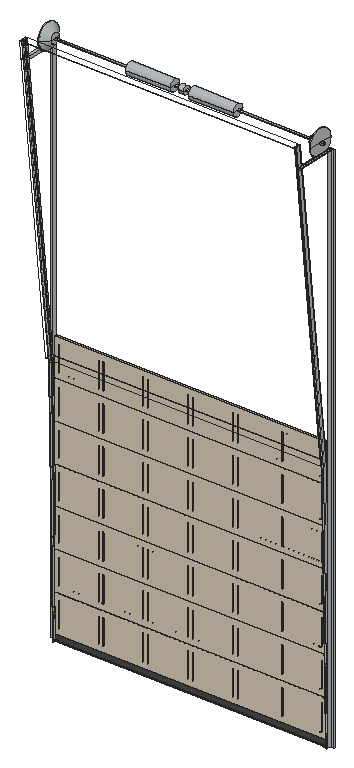
Revit family "Door_Sectional_Clopay_Insulated-VerticalTrack-RaisedPanel", category Doors, host Wall, Revit 2022
Family settings
  Host = Wall
  OmniClass Number = 23.30.10.17.37.14
  OmniClass Title = Sectional Overhead Doors
  Always vertical = Yes
  Cut with Voids When Loaded = No
  Shared = No
  Room Calculation Point = No
Parameters (values of type "ByType")
  intDepth [instance] = (Height + 1' 6") * -1  # -13' - 6"
  Wind Load = ""
  Water Penetration = ""
  Track Offset = 0' - 1"
  Track Material [instance] = Metal - Steel - Clopay - Galvanized
  TorsionWidth = Width + 0' 7"  # 12' - 7"
  Torsion Spring Height above Head [instance] = if(Breakaway Track, 0' 6", 1' 6")  # 0' - 6"
  Sound Transmission Class (STC) = 0
  Revision = "R1_09-2011"
  Rad [instance] = Thickness / 2  # 0' - 0 11/16"
  RO Offset = 0' - 0"
  Panel Type_9 [instance] = Door Panel - Raised : Standard
  Panel Type_8 [instance] = Door Panel - Raised : Standard
  Panel Type_7 [instance] = Door Panel - Raised : Standard
  Panel Type_6 [instance] = Door Panel - Raised : Standard
  Panel Type_5 [instance] = Door Panel - Raised : Standard
  Panel Type_4 [instance] = Door Panel - Raised : Standard
  Panel Type_3 [instance] = Door Panel - Raised : Standard
  Panel Type_2 [instance] = Door Panel - Raised : Standard
  Panel Type_11 [instance] = Door Panel - Raised : Standard
  Panel Type_10 [instance] = Door Panel - Raised : Standard
  Panel Type_1 [instance] = Door Panel - Raised : Standard
  Panel Height = Height / NumPanels  # 1' - 8.57143"
  P9 = NumPanels > 8  # no
  P8 = NumPanels > 7  # no
  P7 = NumPanels > 6  # yes
  P6 = NumPanels > 5  # yes
  P5 = NumPanels > 4  # yes
  P4 = NumPanels > 3  # yes
  P3 = NumPanels > 2  # yes
  P11 = NumPanels > 10  # no
  P10 = NumPanels > 9  # no
  Operator_Jackshaft Right [instance] = no
  Operator_Jackshaft Left [instance] = no
  Opening Width = 12' - 0"
  Opening Height = 12' - 0"
  NumPanels = if(Height < 4' 6", 2, if(Height < 6' 0", 3, if(Height < 7' 6", 4, if(Height < 9' 0", 5, if(Height < 10' 9", 6, if(Height < 12' 6", 7, if(Height < 14' 3", 8, if(Height < 16' 0", 9, if(Height > 17' 9", 10, 11)))))))))  # 7
  Maximum Size = "Consult Clopay Specifications & Shop Drawings"
  Lock Right [instance] = no
  Lock Left [instance] = no
  Jackshaft Offset [instance] = 0' - 5"
  Hardware Finish = Metal - Steel - Clopay - Galvanized
  Function = Interior
  Frame Finish = Metal - Steel - Clopay - Stucco Emboss - Tan
  Double Torsion Shaft [instance] = no
  Door Width = Opening Width + (Track Offset * 2)  # 12' - 2"
  Door Height = Opening Height  # 12' - 0"
  Door Glazing = Glass - Insulated - Clopay - Clear Tempered
  DblWidth = TorsionWidth + 1' 0"  # 13' - 7"
  Building Code Conformance = ""
  Breakaway Track [instance] = yes
  Bottom Astragal Material [instance] = Rubber - Clopay - Black
  Bottom Astragal Height [instance] = 0' - 3 1/2"
  Air Infiltration = ""
  ASTM Conformance = ""
  Panel Width [instance] = Width + (Track Offset * 2)  # 12' - 2"
  Panel Material = Metal - Steel - Clopay - Stucco Emboss - Tan
  Manufacturer Phone = "513-770-4800 "
  Warranty Duration (Years) = 0
  URL = "http://www.clopaydoor.com/"
  Thickness = 0' - 1 3/8"
  Test Data = ""
  Specification = "http://www.arcat.com/sd/clients/clopay.html?coid=31487"
  SpecWizard = "http://www.arcat.com/specwizard/clients/clopay.html?coid=31487"
  Send Message = "http://www.clopaydoor.com/"
  Sales Information = "http://www.clopaydoor.com/contact-us.aspx"
  Rough Width = (Width + (RO Offset * 2))  # 12' - 0"
  Rough Height = (Height + (RO Offset))  # 12' - 0"
  R_Value = 0
  Product Properties = ""
  Product Data = "http://www.arcat.com/arcatcos/cos31/arc31487.html?isac=1&r=1"
  Manufacturer Website = "http://www.arcat.com/users.pl?action=UserEmail&company=Clopay%20Building%20Products%20Company&coid=31487&rep=114&fax=513-770-3519&mf="
  Manufacturer Phone - Toll Free = "800-526-4301 "
  Manufacturer Fax = "513-770-3519"
  Manufacturer Address = "8585 Duke Blvd. Mason, OH 45040-3101"
  Maintenance Schedule (Months) = 0
  Installation-Fabrication = ""
  Installation Phase = ""
  Green Building-LEED = "http://www.arcat.com/green/clients/leed_data_31487.html"
  Model = "As Specified"
  Manufacturer = "Clopay Building Products Company"
  Keynote = "08360"
  Height = Opening Height  # 12' - 0"
  Wall Closure = By host
  Width = Opening Width  # 12' - 0"
  Fire Rating = ""
  Expected Lifespan (Years) = 0
  Drawn By = "Sumex Design, Inc. / Robert S. Weygant, CSI, CDT, SCIP"
  Description = "Clopay Overhead Door as Specified"
  Copyright = "©Arcat Inc."
  Construction Details = "http://www.arcat.com/details/clopay/clopay.html?coid=31487"
  Building Codes = ""
  Assembly Code = "B2030410"
  ADA Compliant = yes
  AAMA Designation = ""
  3" Track [instance] = no
Reference planes (in)
  plane 1 "Center (Front/Back)": y = -34.08725
  plane 2 "Center (Left/Right)": x = 64.28704
  plane 3: z = 0
  plane 4 "Right": x = 136.28704
  plane 5 "Left": x = -7.71296
  plane 6: z = 0
  plane 7 "Top of Frame": z = 144
  plane 8 "RO Top": z = 144
  plane 9 "RO Right": x = 136.28704
  plane 10 "RO Left": x = -7.71296
  plane 11 "Exterior Wall Face": y = -31.08725
  plane 12 "Interior Wall Face": y = -37.08725
  plane 13: x = -8.71296
  plane 14: x = 137.28704
  plane 15: z = 24.07143
  plane 16: z = 44.64286
  plane 17: z = 65.21429
  plane 18: z = 85.78571
  plane 19: z = 106.35714
  plane 20: z = 126.92857
  plane 21: z = 147.5
  plane 22: y = -37.58725
  plane 23: z = 3.5
  plane 24: y = -38.96225
  plane 25: z = 288
  plane 26: z = 168.07143
  plane 27: z = 188.64286
  plane 28: z = 209.21429
  plane 29: z = 294
  plane 30: z = 306
  plane 31: x = -12.71296
  plane 32: x = 141.28704
  plane 33: z = 297
Forms (in)
  Extrusion 1, solid, material "Rubber - Clopay - Black" <- "Bottom Astragal Material"
    sketch origin (-8.71296, -26.43241, 48) x (0, 1, 0) y (0, 0, 1)
      loop
        line (-11.15484, -44.5) -> (-12.52984, -44.5) -> (-12.52984, -47.3125)
        arc (-12.52984, -47.3125) -> (-11.84234, -48) -> (-11.15484, -47.3125) r 0.6875
        line (-11.15484, -47.3125) -> (-11.15484, -44.5)
    from 0 to 146
  Extrusion 2, solid, material "Metal - Steel - Clopay - Galvanized" <- "Hardware Finish", visible <- "Lock Left"
    sketch origin (-270, -38.96225, -0.15636) x (0, 0, -1) y (-1, 0, 0)
      loop
        line (-39.15636, -263.35085) -> (-39.15636, -267.35085) -> (-36.15636, -267.35085) -> (-36.15636, -263.35085) -> (-39.15636, -263.35085)
    from 0 to -1.5
  Extrusion 3, solid, material "Metal - Steel - Clopay - Galvanized" <- "Hardware Finish", visible <- "Lock Right"
    sketch origin (398.57407, -38.96225, -0.15636) x (0, 0, -1) y (-1, 0, 0)
      loop
        line (-39.15636, 263.35085) -> (-36.15636, 263.35085) -> (-36.15636, 267.35085) -> (-39.15636, 267.35085) -> (-39.15636, 263.35085)
    from 0 to -1.5
  Extrusion 4, solid
    sketch origin (138.28704, -59.98895, 299.04277) x (0, 0.994163, 0.107886) y (-1, 0, 0)
      loop
        line (2.98478, 0) -> (2.98478, 148) -> (-1, 148) -> (-1, 0) -> (2.98478, 0)
    from 0 to -162 <- "intDepth"
Lines and regions (in)
  Opening 1
    outline origin (-109.33485, -37.08725, 0) x (1, 0, 0) y (0, 0, 1)
      loop
        line (101.62189, 0) -> (245.62189, 0) -> (245.62189, 144) -> (101.62189, 144) -> (101.62189, 0)
Text (in)
  text "Exterior" at (50.54558, 62.1328, 0), in view "A101 - Plan View"
  text "Interior" at (50.54558, -116.72319, 0), in view "A101 - Plan View"
  text "Exterior" at (0, -17.98638, 123.01588), in view "Right"
  text "Interior" at (0, -64.39139, 123.01588), in view "Right"
  text "Interior" at (0, -52.09468, 121.14095), in view "Left"
  text "Exterior" at (0, 26.35325, 123.00693), in view "Left"
Dimensions and locks (in)
  equal spacing: plane 4 "Right", plane 2 "Center (Left/Right)", plane 5 "Left"
  "Width": plane 5 "Left" to plane 4 "Right"
  "Height": level to plane 7 "Top of Frame"
  "RO Offset": plane 5 "Left" to plane 10 "RO Left"
  "RO Offset": plane 9 "RO Right" to plane 4 "Right"
  "RO Offset": plane 8 "RO Top" to plane 7 "Top of Frame"
  "Track Offset": plane 9 "RO Right" to plane 14
  "Track Offset": plane 13 to plane 5 "Left"
  locked: nested 3 to plane 12 "Interior Wall Face" at 6
  "Panel Height": plane 23 to plane 15
  "Panel Height": plane 15 to plane 16
  "Panel Height": plane 16 to plane 17
  "Panel Height": plane 17 to plane 18
  "Panel Height": plane 18 to plane 19
  "Panel Height": plane 19 to plane 20
  "Panel Height": plane 20 to plane 21
  locked: plane 12 "Interior Wall Face" to plane 22 at 0.5
  "Bottom Astragal Height": level to plane 23
  "Thickness": plane 22 to plane 24
  "Rad": Extrusion 1 sketch curve to level
  Extrusion 2 sketch curve to Extrusion 2 sketch curve to level = 0' - 3" locked, 3' - 0" locked
  Extrusion 3 sketch curve to Extrusion 3 sketch curve to level = 0' - 3" locked, 3' - 0" locked
  "Height": plane 25 to plane 8 "RO Top"
  "Torsion Spring Height above Head": plane 29 to plane 25
  "Panel Height": plane 21 to plane 26
  "Panel Height": plane 26 to plane 27
  "Panel Height": plane 27 to plane 28
  locked: plane 30 to plane 29 at 12
  locked: plane 12 "Interior Wall Face" to nested 15 at 6
  Extrusion 4 sketch curve to Extrusion 4 sketch curve = 0' - 3.98478"
  locked: plane 4 "Right" to Extrusion 4 sketch curve at 2
  locked: Extrusion 4 sketch curve to plane 5 "Left" at 2
  locked: plane 33 to plane 29 at 3
  "Jackshaft Offset": plane 5 "Left" to plane 31
  "Jackshaft Offset": plane 32 to plane 4 "Right"
  "Rad": radius of Extrusion 1 sketch curve
  aligned and locked: host wall to plane 1 "Center (Front/Back)"
  aligned and locked: Opening 1 sketch curve to level
  aligned and locked: plane 9 "RO Right" to Opening 1 sketch curve
  aligned and locked: plane 10 "RO Left" to Opening 1 sketch curve
  aligned and locked: Opening 1 sketch curve to plane 8 "RO Top"
  aligned and locked: host wall to plane 11 "Exterior Wall Face"
  aligned and locked: host wall to plane 12 "Interior Wall Face"
  aligned and locked: nested 1 to plane 13
  aligned and locked: nested 1 to plane 12 "Interior Wall Face"
  aligned and locked: nested 2 to plane 14
  aligned and locked: nested 2 to plane 12 "Interior Wall Face"
  aligned and locked: plane 2 "Center (Left/Right)" to nested 3
  aligned and locked: plane 2 "Center (Left/Right)" to nested 4
  aligned and locked: plane 15 to nested 5
  aligned and locked: plane 16 to nested 6
  aligned and locked: plane 17 to nested 7
  aligned and locked: plane 18 to nested 8
  aligned and locked: plane 19 to nested 9
  aligned and locked: plane 20 to nested 10
  aligned and locked: plane 21 to nested 11
  aligned and locked: plane 23 to nested 4
  aligned and locked: plane 14 to Extrusion 1
  aligned and locked: plane 26 to nested 12
  aligned and locked: plane 27 to nested 13
  aligned and locked: plane 22 to nested 4
  aligned and locked: plane 22 to nested 5
  aligned and locked: plane 22 to nested 6
  aligned and locked: plane 22 to nested 7
  aligned and locked: plane 22 to nested 8
  aligned and locked: plane 22 to nested 9
  aligned and locked: plane 22 to nested 10
  aligned and locked: plane 22 to nested 11
  aligned and locked: nested 12 to plane 22
  aligned and locked: nested 13 to plane 22
  aligned and locked: nested 14 to plane 2 "Center (Left/Right)"
  aligned and locked: nested 14 to plane 28
  aligned and locked: nested 14 to plane 24
  aligned and locked: plane 30 to nested 15
  aligned and locked: plane 29 to nested 3
  aligned and locked: plane 32 to nested 17
  aligned and locked: plane 33 to nested 17
  aligned and locked: plane 33 to nested 16
  aligned and locked: plane 31 to nested 16
Automatic sketch dimensions
  Extrusion 2 sketch curve to plane 5 "Left" = 0' - 5.06381"
  Extrusion 2 sketch curve to plane 5 "Left" = 0' - 1.06381"
  plane 4 "Right" to Extrusion 3 sketch curve = 0' - 1.06381"
  Extrusion 3 sketch curve to Extrusion 3 sketch curve = 0' - 4"
  Extrusion 1 sketch curve to plane 23 = 0' - 0"
  Extrusion 1 sketch curve to plane 24 = 0' - 0"
  nested 2 to Extrusion 4 sketch curve = 0' - 2 15/16"
Nested families (in)
  nested 1: "Track_SectionalDoor_Clopay_Vertical" at (-8.71296, -47.9957, 0), Opening Height <- "Height", Track Material <- "Track Material", 3" Track <- "3" Track", Breakaway <- "Breakaway Track", type "ByType"
    with sptLegth 1' - 9.43686", VertSlope 1.19349°, Vert Travel 0' - 6 1/4", Vert Overall 0' - 8 5/8", TrackHeight 25' - 0", Track Material Metal - Steel - Clopay - Galvanized, TopLength 13' - 8", Opening Height 12' - 0", Breakaway Angle 5.00°, Breakaway yes, BreakOffset 1' - 4.60353", BaseOffset 0' - 2.83333", 3" Track no
  nested 2: "Track_SectionalDoor_Clopay_Vertical" at (137.28704, -47.9957, 0) x (-1, 0, 0) z (0, 0, 1), Opening Height <- "Height", Track Material <- "Track Material", 3" Track <- "3" Track", Breakaway <- "Breakaway Track", type "ByType"
    with sptLegth 1' - 9.43686", VertSlope 1.19349°, Vert Travel 0' - 6 1/4", Vert Overall 0' - 8 5/8", TrackHeight 25' - 0", Track Material Metal - Steel - Clopay - Galvanized, TopLength 13' - 8", Opening Height 12' - 0", Breakaway Angle 5.00°, Breakaway yes, BreakOffset 1' - 4.60353", BaseOffset 0' - 2.83333", 3" Track no
  nested 3: "TorsionAssembly_Vlift" at (64.28704, -43.08725, 294), Material <- "Track Material", Unit Width <- "TorsionWidth", type "Vertical Lift"
    with offset 0' - 0", Unit Width 12' - 7", Material Metal - Steel - Clopay - Galvanized, End Extension 0' - 0"
  nested 4: "Door Panel - Raised" at (64.28704, -38.27475, 3.5), Material - Trim <- "Frame Finish", Material - Panel <- "Panel Material", Glass Type <- "Door Glazing", Unit Width <- "Panel Width", Unit Depth <- "Thickness", type <- "Panel Type_1", Unit Height <- "Panel Height", type "Standard"
    with Void Offset 0' - 0 1/8", Unit Width 12' - 2", Unit Height 1' - 8.57143", Unit Depth 0' - 1 3/8", TB Height 0' - 3.28571", Standard yes, SingleWindow no, Side Width 0' - 2", Panels 6, Panel Width 1' - 9 1/2", Panel Height 1' - 2", Ofst 0' - 0 1/8", MultiWindow yes, Material - Trim Metal - Steel - Clopay - Stucco Emboss - Tan, Material - Panel Metal - Steel - Clopay - Stucco Emboss - Tan, Horizontal Offset 1' - 0", Glass Type Glass - Insulated - Clopay - Clear Tempered, Divs 5, DivWidth 0' - 2 1/2", DivSpace 2' - 0 3/4", DivHeight 1' - 2", Div Actual 5
  nested 5: "Door Panel - Raised" at (64.28704, -38.27475, 24.07143), Material - Trim <- "Frame Finish", Material - Panel <- "Panel Material", Glass Type <- "Door Glazing", Unit Width <- "Panel Width", Unit Depth <- "Thickness", type <- "Panel Type_2", Unit Height <- "Panel Height", type "Standard"
    with Void Offset 0' - 0 1/8", Unit Width 12' - 2", Unit Height 1' - 8.57143", Unit Depth 0' - 1 3/8", TB Height 0' - 3.28571", Standard yes, SingleWindow no, Side Width 0' - 2", Panels 6, Panel Width 1' - 9 1/2", Panel Height 1' - 2", Ofst 0' - 0 1/8", MultiWindow yes, Material - Trim Metal - Steel - Clopay - Stucco Emboss - Tan, Material - Panel Metal - Steel - Clopay - Stucco Emboss - Tan, Horizontal Offset 1' - 0", Glass Type Glass - Insulated - Clopay - Clear Tempered, Divs 5, DivWidth 0' - 2 1/2", DivSpace 2' - 0 3/4", DivHeight 1' - 2", Div Actual 5
  nested 6: "Door Panel - Raised" at (64.28704, -38.27475, 44.64286), Material - Trim <- "Frame Finish", Material - Panel <- "Panel Material", Glass Type <- "Door Glazing", Unit Width <- "Panel Width", Unit Depth <- "Thickness", type <- "Panel Type_3", visible <- "P3", Unit Height <- "Panel Height", type "Standard"
    with Void Offset 0' - 0 1/8", Unit Width 12' - 2", Unit Height 1' - 8.57143", Unit Depth 0' - 1 3/8", TB Height 0' - 3.28571", Standard yes, SingleWindow no, Side Width 0' - 2", Panels 6, Panel Width 1' - 9 1/2", Panel Height 1' - 2", Ofst 0' - 0 1/8", MultiWindow yes, Material - Trim Metal - Steel - Clopay - Stucco Emboss - Tan, Material - Panel Metal - Steel - Clopay - Stucco Emboss - Tan, Horizontal Offset 1' - 0", Glass Type Glass - Insulated - Clopay - Clear Tempered, Divs 5, DivWidth 0' - 2 1/2", DivSpace 2' - 0 3/4", DivHeight 1' - 2", Div Actual 5
  nested 7: "Door Panel - Raised" at (64.28704, -38.27475, 65.21429), Material - Panel <- "Panel Material", Glass Type <- "Door Glazing", Unit Width <- "Panel Width", Unit Depth <- "Thickness", visible <- "P4", type <- "Panel Type_4", Material - Trim <- "Panel Material", Unit Height <- "Panel Height", type "Standard"
    with Void Offset 0' - 0 1/8", Unit Width 12' - 2", Unit Height 1' - 8.57143", Unit Depth 0' - 1 3/8", TB Height 0' - 3.28571", Standard yes, SingleWindow no, Side Width 0' - 2", Panels 6, Panel Width 1' - 9 1/2", Panel Height 1' - 2", Ofst 0' - 0 1/8", MultiWindow yes, Material - Trim Metal - Steel - Clopay - Stucco Emboss - Tan, Material - Panel Metal - Steel - Clopay - Stucco Emboss - Tan, Horizontal Offset 1' - 0", Glass Type Glass - Insulated - Clopay - Clear Tempered, Divs 5, DivWidth 0' - 2 1/2", DivSpace 2' - 0 3/4", DivHeight 1' - 2", Div Actual 5
  nested 8: "Door Panel - Raised" at (64.28704, -38.27475, 85.78571), Material - Trim <- "Frame Finish", Material - Panel <- "Panel Material", Glass Type <- "Door Glazing", Unit Width <- "Panel Width", Unit Depth <- "Thickness", visible <- "P5", type <- "Panel Type_5", Unit Height <- "Panel Height", type "Standard"
    with Void Offset 0' - 0 1/8", Unit Width 12' - 2", Unit Height 1' - 8.57143", Unit Depth 0' - 1 3/8", TB Height 0' - 3.28571", Standard yes, SingleWindow no, Side Width 0' - 2", Panels 6, Panel Width 1' - 9 1/2", Panel Height 1' - 2", Ofst 0' - 0 1/8", MultiWindow yes, Material - Trim Metal - Steel - Clopay - Stucco Emboss - Tan, Material - Panel Metal - Steel - Clopay - Stucco Emboss - Tan, Horizontal Offset 1' - 0", Glass Type Glass - Insulated - Clopay - Clear Tempered, Divs 5, DivWidth 0' - 2 1/2", DivSpace 2' - 0 3/4", DivHeight 1' - 2", Div Actual 5
  nested 9: "Door Panel - Raised" at (64.28704, -38.27475, 106.35714), Material - Trim <- "Frame Finish", Material - Panel <- "Panel Material", Glass Type <- "Door Glazing", Unit Width <- "Panel Width", Unit Depth <- "Thickness", visible <- "P6", type <- "Panel Type_6", Unit Height <- "Panel Height", type "Standard"
    with Void Offset 0' - 0 1/8", Unit Width 12' - 2", Unit Height 1' - 8.57143", Unit Depth 0' - 1 3/8", TB Height 0' - 3.28571", Standard yes, SingleWindow no, Side Width 0' - 2", Panels 6, Panel Width 1' - 9 1/2", Panel Height 1' - 2", Ofst 0' - 0 1/8", MultiWindow yes, Material - Trim Metal - Steel - Clopay - Stucco Emboss - Tan, Material - Panel Metal - Steel - Clopay - Stucco Emboss - Tan, Horizontal Offset 1' - 0", Glass Type Glass - Insulated - Clopay - Clear Tempered, Divs 5, DivWidth 0' - 2 1/2", DivSpace 2' - 0 3/4", DivHeight 1' - 2", Div Actual 5
  nested 10: "Door Panel - Raised" at (64.28704, -38.27475, 126.92857), Material - Trim <- "Frame Finish", Material - Panel <- "Panel Material", Glass Type <- "Door Glazing", Unit Width <- "Panel Width", Unit Depth <- "Thickness", visible <- "P7", type <- "Panel Type_7", Unit Height <- "Panel Height", type "Standard"
    with Void Offset 0' - 0 1/8", Unit Width 12' - 2", Unit Height 1' - 8.57143", Unit Depth 0' - 1 3/8", TB Height 0' - 3.28571", Standard yes, SingleWindow no, Side Width 0' - 2", Panels 6, Panel Width 1' - 9 1/2", Panel Height 1' - 2", Ofst 0' - 0 1/8", MultiWindow yes, Material - Trim Metal - Steel - Clopay - Stucco Emboss - Tan, Material - Panel Metal - Steel - Clopay - Stucco Emboss - Tan, Horizontal Offset 1' - 0", Glass Type Glass - Insulated - Clopay - Clear Tempered, Divs 5, DivWidth 0' - 2 1/2", DivSpace 2' - 0 3/4", DivHeight 1' - 2", Div Actual 5
  nested 11: "Door Panel - Raised" at (64.28704, -38.27475, 147.5), Material - Trim <- "Frame Finish", Material - Panel <- "Panel Material", Glass Type <- "Door Glazing", Unit Width <- "Panel Width", Unit Depth <- "Thickness", visible <- "P8", type <- "Panel Type_8", Unit Height <- "Panel Height", type "Standard"
    with Void Offset 0' - 0 1/8", Unit Width 12' - 2", Unit Height 1' - 8.57143", Unit Depth 0' - 1 3/8", TB Height 0' - 3.28571", Standard yes, SingleWindow no, Side Width 0' - 2", Panels 6, Panel Width 1' - 9 1/2", Panel Height 1' - 2", Ofst 0' - 0 1/8", MultiWindow yes, Material - Trim Metal - Steel - Clopay - Stucco Emboss - Tan, Material - Panel Metal - Steel - Clopay - Stucco Emboss - Tan, Horizontal Offset 1' - 0", Glass Type Glass - Insulated - Clopay - Clear Tempered, Divs 5, DivWidth 0' - 2 1/2", DivSpace 2' - 0 3/4", DivHeight 1' - 2", Div Actual 5
  nested 12: "Door Panel - Raised" at (64.28704, -38.27475, 168.07143), Material - Trim <- "Frame Finish", Material - Panel <- "Panel Material", Glass Type <- "Door Glazing", Unit Width <- "Panel Width", Unit Depth <- "Thickness", visible <- "P9", type <- "Panel Type_9", Unit Height <- "Panel Height", type "Standard"
    with Void Offset 0' - 0 1/8", Unit Width 12' - 2", Unit Height 1' - 8.57143", Unit Depth 0' - 1 3/8", TB Height 0' - 3.28571", Standard yes, SingleWindow no, Side Width 0' - 2", Panels 6, Panel Width 1' - 9 1/2", Panel Height 1' - 2", Ofst 0' - 0 1/8", MultiWindow yes, Material - Trim Metal - Steel - Clopay - Stucco Emboss - Tan, Material - Panel Metal - Steel - Clopay - Stucco Emboss - Tan, Horizontal Offset 1' - 0", Glass Type Glass - Insulated - Clopay - Clear Tempered, Divs 5, DivWidth 0' - 2 1/2", DivSpace 2' - 0 3/4", DivHeight 1' - 2", Div Actual 5
  nested 13: "Door Panel - Raised" at (64.28704, -38.27475, 188.64286), Material - Trim <- "Frame Finish", Material - Panel <- "Panel Material", Glass Type <- "Door Glazing", Unit Width <- "Panel Width", Unit Depth <- "Thickness", visible <- "P10", type <- "Panel Type_10", Unit Height <- "Panel Height", type "Standard"
    with Void Offset 0' - 0 1/8", Unit Width 12' - 2", Unit Height 1' - 8.57143", Unit Depth 0' - 1 3/8", TB Height 0' - 3.28571", Standard yes, SingleWindow no, Side Width 0' - 2", Panels 6, Panel Width 1' - 9 1/2", Panel Height 1' - 2", Ofst 0' - 0 1/8", MultiWindow yes, Material - Trim Metal - Steel - Clopay - Stucco Emboss - Tan, Material - Panel Metal - Steel - Clopay - Stucco Emboss - Tan, Horizontal Offset 1' - 0", Glass Type Glass - Insulated - Clopay - Clear Tempered, Divs 5, DivWidth 0' - 2 1/2", DivSpace 2' - 0 3/4", DivHeight 1' - 2", Div Actual 5
  nested 14: "Door Panel - Raised" at (64.28704, -38.27475, 209.21429), Material - Trim <- "Frame Finish", Material - Panel <- "Panel Material", Glass Type <- "Door Glazing", Unit Width <- "Panel Width", Unit Depth <- "Thickness", visible <- "P11", type <- "Panel Type_11", Unit Height <- "Panel Height", type "Standard"
    with Void Offset 0' - 0 1/8", Unit Width 12' - 2", Unit Height 1' - 8.57143", Unit Depth 0' - 1 3/8", TB Height 0' - 3.28571", Standard yes, SingleWindow no, Side Width 0' - 2", Panels 6, Panel Width 1' - 9 1/2", Panel Height 1' - 2", Ofst 0' - 0 1/8", MultiWindow yes, Material - Trim Metal - Steel - Clopay - Stucco Emboss - Tan, Material - Panel Metal - Steel - Clopay - Stucco Emboss - Tan, Horizontal Offset 1' - 0", Glass Type Glass - Insulated - Clopay - Clear Tempered, Divs 5, DivWidth 0' - 2 1/2", DivSpace 2' - 0 3/4", DivHeight 1' - 2", Div Actual 5
  nested 15: "TorsionAssembly_Vlift" at (64.28704, -43.08725, 306), Material <- "Track Material", Unit Width <- "DblWidth", visible <- "Double Torsion Shaft", type "Vertical Lift"
    with offset 0' - 0", Unit Width 13' - 7", Material Metal - Steel - Clopay - Galvanized, End Extension 0' - 6"
  nested 16: "Opener" at (-18.71296, -37.08725, 285) x (1, 0, 0) z (0, -1, 0), Material <- "Hardware Finish", visible <- "Operator_Jackshaft Left", type "Jackshaft"
    with offset 0' - 0", Material Metal - Steel - Clopay - Galvanized, Unit Width 1' - 0", Unit Depth 1' - 0"
  nested 17: "Opener" at (147.28704, -37.08725, 285) x (1, 0, 0) z (0, -1, 0), Material <- "Hardware Finish", visible <- "Operator_Jackshaft Right", type "Jackshaft"
    with offset 0' - 0", Material Metal - Steel - Clopay - Galvanized, Unit Width 1' - 0", Unit Depth 1' - 0"
Definition of nested family "Track_SectionalDoor_Clopay_Vertical"
  Parameters
    sptLegth [instance] = BaseOffset + BreakOffset + 0' 2"  # 1' - 6.33239"
    Width = 0' - 0"
    Warranty Duration (Years) = 0
    VertSlope [instance] = atan(0.25 / 12)  # 1.19349°
    Vert Travel [instance] = (TrackHeight) * tan(VertSlope)  # 0' - 5 1/4"
    Vert Overall [instance] = Vert Travel + 0' 2 3/8"  # 0' - 7 5/8"
    URL = "http://www.clopaydoor.com/"
    TrackHeight [instance] = TopLength + (Opening Height - 0' 8")  # 21' - 0"
    Track Material [instance] = none
    TopLength [instance] = if(Breakaway Angle = 0.00°, Opening Height + 0' 8" + 0' 1", Opening Height + 0' 8" + 1' 0")  # 11' - 8"
    Thickness = 0' - 0"
    Specification = "http://www.arcat.com/sd/clients/clopay.html?coid=31487"
    SpecWizard = "http://www.arcat.com/specwizard/clients/clopay.html?coid=31487"
    Send Message = "http://www.arcat.com/users.pl?action=UserEmail&company=Clopay%20Building%20Products%20Company&coid=31487&rep=114&fax=513-770-3519&mf="
    Sales Information = "http://www.clopaydoor.com/contact-us.aspx"
    Revision = "R1_09-2011"
    Product Properties = ""
    Product Data = "http://www.arcat.com/arcatcos/cos31/arc31487.html?isac=1&r=1"
    Opening Height [instance] = 10' - 0"
    Model = "As Specified"
    Manufacturer Website = "http://www.clopaydoor.com/"
    Manufacturer Phone - Toll Free = "800-526-4301"
    Manufacturer Phone = "513-770-4800"
    Manufacturer Fax = "513-770-3519"
    Manufacturer Address = "8585 Duke Blvd. Manson, OH 45040-3101"
    Manufacturer = "Clopay Building Products Company"
    Maintenance Schedule (Months) = 0
    Keynote = "08360"
    Installation-Fabrication = ""
    Installation Phase = ""
    Height = 0' - 0"
    Green Building-LEED = "http://www.arcat.com/green/clients/leed_data_31487.html"
    Expected Lifespan (Years) = 0
    Drawn By = "Sumex Design, Inc. / Robert S. Weygant, CSI, CDT, SCIP"
    Description = "Clopay Door as Specified"
    Copyright = "©Arcat Inc."
    Construction Details = "http://www.arcat.com/details/clopay/clopay.html?coid=31487"
    Breakaway Angle [instance] = if(Breakaway, 5.00°, 0.00°)  # 5.00°
    Breakaway [instance] = yes
    BreakOffset [instance] = (TrackHeight - 0' 11" - Opening Height + 0' 8") * tan(VertSlope + Breakaway Angle)  # 1' - 1.99905"
    BaseOffset [instance] = (Opening Height - 0' 8") * tan(VertSlope)  # 0' - 2.33333"
    3" Track [instance] = no
    Assembly Code = "B2030410"
  Reference planes (in)
    plane 1 "Center (Front/Back)": y = 10.90846
    plane 2: z = 0
    plane 3 "Center (Left/Right)": x = 0
    plane 4: z = 0
    plane 5: z = 0
    plane 6: z = 0
    plane 7: z = 0
    plane 8: z = 0
    plane 9: y = 3.28346
    plane 10 "Bracket": x = -1
    plane 11: z = 120
    plane 12: z = 252
    plane 13: y = 8.53346
    plane 14: z = 112
  Forms (in)
    Sweep 1, solid, material <- "Track Material"
      path origin (-1, 4.05509, 48) x (0, 1, 0) y (0, 0, 1)
        loop
          line (4.47835, -47.99915) -> (2.14503, 64) -> (-12.95906, 203.18285)
      profile "P_Track : P_Track" origin (-1, 7.36678, 56.00043) x (0, -0.999783, -0.020829) y (1, 0, 0)
        loop
          line (-2, 1) -> (-2, 0) -> (-0.62484, 0) -> (-0.20263, 0.18798)
          arc (-0.20263, 0.18798) -> (0, 0.5) -> (-0.20263, 0.81202) r 0.34155
          line (-0.20263, 0.81202) -> (-0.48052, 0.93574) -> (-0.50594, 0.87865) -> (-0.22805, 0.75492)
          arc (-0.22805, 0.75492) -> (-0.0625, 0.5) -> (-0.22805, 0.24508) r 0.27905
          line (-0.22805, 0.24508) -> (-0.63812, 0.0625) -> (-1.9375, 0.0625) -> (-1.9375, 1) -> (-2, 1)
    Extrusion 2, solid, material <- "Track Material"
      sketch origin (0, 0, 0) x (1, 0, 0) y (0, 1, 0)
        loop
          line (-1, 10.90846) -> (-3.25, 10.90846) -> (-3.25, 10.78346) -> (-1.125, 10.78346) -> (-1.125, 9.28346) -> (-1, 9.28346) -> (-1, 10.90846)
      from 0 to 241
    Sweep 3, solid, material <- "Track Material"
      path origin (-1, 4.05509, 48) x (0, 1, 0) y (0, 0, 1)
        loop
          line (-11.47902, 193) -> (6.72837, 193)
      profile origin (-1, 1.67976, 241) x (0, 0, 1) y (1, 0, 0)
        loop
          line (0, 0) -> (-1.48699, 0) -> (-1.48699, -0.125) -> (-0.11199, -0.125) -> (-0.11199, -1.5) -> (0, -1.5) -> (0, 0)
  Lines and regions (in)
    reference lines
      curve 1: line (-1, 8.53346, 0) -> (-1, 5.57576, 141.96919)
      curve 2: line (-1, 6.20012, 112) -> (-1, 0.48214, 164.69065)
      curve 3: line (-1, 6.20012, 112) -> (-1, 4.2118, 111.78423)
  Dimensions and locks (in)
    equal spacing: plane 4, plane 5, plane 6, plane 7, plane 8, level
    "Height": plane 4 to level
    locked: plane 10 "Bracket" to plane 3 "Center (Left/Right)" at 1
    "Opening Height": plane 11 to level
    "Vert Overall": plane 1 "Center (Front/Back)" to plane 9
    locked: plane 13 to plane 1 "Center (Front/Back)" at 2.375
    locked: plane 12 to Extrusion 2 at 11
    "TrackHeight": plane 12 to level
    locked: plane 12 to Sweep 3 sketch curve at 11
    locked: plane 11 to plane 14 at 8
    "TopLength": curve 3 to Sweep 1 sketch curve
    "sptLegth": plane 1 "Center (Front/Back)" to Sweep 3 sketch curve
    "VertSlope": angle curve 1 to plane 13
    "Breakaway Angle": angle curve 2 to curve 1
    aligned and locked: curve 1 to Sweep 1 sketch curve
    aligned and locked: Sweep 1 sketch curve to curve 2
  Automatic sketch dimensions
    Extrusion 2 sketch curve to plane 1 "Center (Front/Back)" = 0' - 0"
    Extrusion 2 sketch curve to plane 10 "Bracket" = 0' - 0"
    Extrusion 2 sketch curve to Extrusion 2 sketch curve = 0' - 0 1/8"  (x2)
    Extrusion 2 sketch curve to Extrusion 2 sketch curve = 0' - 2 1/8"
    plane 13 to Extrusion 2 sketch curve = 0' - 0 3/4"
    plane 1 "Center (Front/Back)" to Sweep 3 sketch curve = 0' - 0 1/8"
    Sweep 3 sketch curve to plane 10 "Bracket" = 0' - 0"
    Sweep 3 sketch curve to profile plane = 0' - 0"
    profile plane to Sweep 3 sketch curve = 0' - 0.11199"
    Sweep 3 sketch curve to plane 10 "Bracket" = 0' - 0 1/8"
    Sweep 3 sketch curve to Sweep 3 sketch curve = 0' - 1 3/8"  (x2)
    curve 2 to plane 14 = 0' - 0"
    curve 1 to level = 0' - 0"
    curve 1 to plane 13 = 0' - 0"
    Sweep 1 sketch curve to plane 13 = 0' - 0"
    curve 3 to curve 2 = 0' - 0"  (x2)
    curve 2 to curve 3 = 0' - 2"
Definition of nested family "TorsionAssembly_Vlift"
  Parameters
    offset [instance] = 0' - 0"
    Warranty Duration (Years) = 0
    Vertical Lift = yes
    Unit Width [instance] = 12' - 0"
    Unit Height = 0' - 9 1/2"
    Unit Depth = Unit Height  # 0' - 9 1/2"
    URL = "http://www.clopaydoor.com/"
    Standard = no
    Spring Width = 2' - 0"
    Specification = "http://www.arcat.com/sd/clients/clopay.html?coid=31487"
    SpecWizard = "http://www.arcat.com/specwizard/clients/clopay.html?coid=31487"
    Send Message = "http://www.arcat.com/users.pl?action=UserEmail&company=Clopay%20Building%20Products%20Company&coid=31487&rep=114&fax=513-770-3519&mf="
    Sales Information = "http://www.clopaydoor.com/contact-us.aspx"
    Revision = "R1_09-2011"
    Product Properties = ""
    Product Data = "http://www.arcat.com/arcatcos/cos31/arc31487.html?isac=1&r=1"
    Model = "As Specified"
    Material [instance] = none
    Manufacturer Website = "http://www.clopaydoor.com/"
    Manufacturer Phone - Toll Free = "800-526-4301 "
    Manufacturer Phone = "513-770-4800 "
    Manufacturer Fax = "513-770-3519"
    Manufacturer Address = "8585 Duke Blvd. Mason, OH 45040-3101"
    Manufacturer = "Clopay Building Products Company"
    Maintenance Schedule (Months) = 0
    Keynote = "08360"
    Installation-Fabrication = ""
    Installation Phase = ""
    High Lift = no
    Green Building-LEED = "http://www.arcat.com/green/clients/leed_data_31487.html"
    Expected Lifespan (Years) = 0
    End Extension [instance] = 0' - 0"
    Drawn By = "Sumex Design, Inc. / Robert S. Weygant, CSI, CDT, SCIP"
    Description = "Clopay Door as Specified"
    Copyright = "©Arcat Inc."
    Construction Details = "http://www.arcat.com/details/clopay/clopay.html?coid=31487"
    Assembly Code = "B2030410"
  Reference planes (in)
    plane 1 "Center (Front/Back)": y = 0
    plane 2 "Bottom": z = 0
    plane 3 "Center (Left/Right)": x = 0
    plane 4 "Front": y = -4.75
    plane 5 "Back": y = 4.75
    plane 6 "Left": x = -72
    plane 7 "Right": x = 72
    plane 8 "Top": z = 4.75
    plane 9: z = -4.75
    plane 10: x = -5
    plane 11: x = 5
    plane 12: x = -29
    plane 13: x = 29
    plane 14: x = 66
    plane 15: x = -66
  Forms (in)
    Revolve 1, solid, material <- "Material", visible <- "Vertical Lift"
      sketch origin (0, 0, 0) x (1, 0, 0) y (0, 1, 0)
        loop
          line (72, 0) -> (72, 0.5) -> (70, 0.5) -> (70, 6.75) -> (69.5, 6.75) -> (66.33203, 2.5) -> (66, 2.5) -> (66, 0.5) -> (29, 0.5) -> (29, 3) -> (5, 3) -> (5, 0.5) -> (1.375, 0.5) -> (1.375, 2) -> (-1.375, 2) -> (-1.375, 0.5) -> (-5, 0.5) -> (-5, 3) -> (-29, 3) -> (-29, 0.5) -> (-66, 0.5) -> (-66, 2.5) -> (-66.33203, 2.5) -> (-69.5, 6.75) -> (-70, 6.75) -> (-70, 0.5) -> (-72, 0.5) -> (-72, 0) -> (72, 0)
        axis (-72, 0) -> (72, 0)
      angle from 0 to 360
  Dimensions and locks (in)
    equal spacing: plane 6 "Left", plane 3 "Center (Left/Right)", plane 7 "Right"
    "Unit Width": plane 6 "Left" to plane 7 "Right"
    equal spacing: plane 5 "Back", plane 1 "Center (Front/Back)", plane 4 "Front"
    "Unit Depth": plane 5 "Back" to plane 4 "Front"
    equal spacing: plane 8 "Top", level, plane 9
    "Unit Height": plane 8 "Top" to plane 9
    plane 10 to plane 3 "Center (Left/Right)" to plane 11 = 0' - 5" locked, 0' - 5" locked
    "Spring Width": plane 11 to plane 13
    "Spring Width": plane 12 to plane 10
    "End Extension": Revolve 1 sketch curve to plane 6 "Left"
    "End Extension": plane 7 "Right" to Revolve 1 sketch curve
    locked: plane 6 "Left" to plane 15 at 6
    plane 14 to plane 7 "Right" = 0' - 6"
  Automatic sketch dimensions
    Revolve 1 sketch curve to plane 1 "Center (Front/Back)" = 0' - 0"  (x2)
    Revolve 1 sketch curve to plane 15 = 0' - 0"
    Revolve 1 sketch curve to plane 12 = 0' - 0"
    Revolve 1 sketch curve to plane 10 = 0' - 0"
    Revolve 1 sketch curve to plane 11 = 0' - 0"
    Revolve 1 sketch curve to plane 13 = 0' - 0"
    Revolve 1 sketch curve to plane 14 = 0' - 0"
    Revolve 1 sketch curve to Revolve 1 sketch curve = 0' - 9 3/4"
    Revolve 1 sketch curve to plane 1 "Center (Front/Back)" = 0' - 0 1/2"  (x6)
    Revolve 1 sketch curve to plane 3 "Center (Left/Right)" = 0' - 1 3/8"
    plane 3 "Center (Left/Right)" to Revolve 1 sketch curve = 0' - 1 3/8"
    Revolve 1 sketch curve to Revolve 1 sketch curve = 1' - 0 3/4"
    Revolve 1 sketch curve to Revolve 1 sketch curve = 0' - 1 1/2"
    Revolve 1 sketch curve to plane 5 "Back" = 0' - 1 3/4"  (x2)
    Revolve 1 sketch curve to plane 7 "Right" = 0' - 2"
    Revolve 1 sketch curve to plane 14 = 0' - 0 85/256"
    Revolve 1 sketch curve to Revolve 1 sketch curve = 0' - 0 1/2"  (x2)
    Revolve 1 sketch curve to Revolve 1 sketch curve = 0' - 2"  (x2)
    plane 5 "Back" to Revolve 1 sketch curve = 0' - 2"  (x2)
    plane 6 "Left" to Revolve 1 sketch curve = 0' - 2"
    Revolve 1 sketch curve to Revolve 1 sketch curve = 0' - 0 85/256"
Definition of nested family "Door Panel - Raised"
  Parameters
    offset = 0' - 9"
    Warranty Duration (Years) = 0
    Void Offset [instance] = if(Divs > 1, 0' 0 1/8", 0' 2")  # 0' - 0 1/8"
    Vision Panels = no
    TB Height [instance] = (Unit Height - 1' 2") / 2  # 0' - 4"
    Standard [instance] = not(Vision Panels)  # yes
    Side Width [instance] = 0' - 2"
    Panels [instance] = if(Unit Width < 6' 2", 2, if(Unit Width < 8' 0", 3, if(Unit Width < 10' 0", 4, if(Unit Width < 12' 0", 5, if(Unit Width < 14' 0", 6, if(Unit Width < 16' 0", 7, if(Unit Width < 19' 0", 8, if(Unit Width < 20' 0", 9, if(Unit Width < 24' 0", 10, 12)))))))))  # 6
    Panel Width [instance] = 1' - 9 1/2"  # constant formula
    Panel Height [instance] = 1' - 2"  # constant formula
    Ofst [instance] = if(Vision Panels, 0' 0", 0' 0 1/8")  # 0' - 0 1/8"
    Material - Trim [instance] = none
    Horizontal Offset [instance] = (Panel Width / 2) + (DivWidth / 2)  # 1' - 1.6"
    Divs [instance] = Panels - 1  # 5
    DivSpace [instance] = Panel Width + Side Width + (DivWidth / 2)  # 2' - 2.35"
    Div Actual [instance] = if(Divs > 1, Divs, 2)  # 5
    Unit Width [instance] = 13' - 6"
    Unit Height [instance] = 1' - 10"
    Unit Depth [instance] = 0' - 2"
    URL = "http://www.clopaydoor.com/"
    Specification = "http://www.arcat.com/sd/clients/clopay.html?coid=31487"
    SpecWizard = "http://www.arcat.com/specwizard/clients/clopay.html?coid=31487"
    SingleWindow [instance] = Divs = 1  # no
    Send Message = "http://www.arcat.com/users.pl?action=UserEmail&company=Clopay%20Building%20Products%20Company&coid=31487&rep=114&fax=513-770-3519&mf="
    Sales Information = "http://www.clopaydoor.com/contact-us.aspx"
    Revision = "R1_09-2011"
    Product Properties = ""
    Product Data = "http://www.arcat.com/arcatcos/cos31/arc31487.html?isac=1&r=1"
    MultiWindow [instance] = Divs > 1  # yes
    Model = "As Specified"
    Material - Panel [instance] = none
    Manufacturer Website = "http://www.clopaydoor.com/"
    Manufacturer Phone - Toll Free = "800-526-4301 "
    Manufacturer Phone = "513-770-4800 "
    Manufacturer Fax = "513-770-3519"
    Manufacturer Address = "8585 Duke Blvd. Mason, OH 45040-3101"
    Manufacturer = "Clopay Building Products Company"
    Maintenance Schedule (Months) = 0
    Keynote = "08330"
    Installation-Fabrication = ""
    Installation Phase = ""
    Green Building-LEED = "http://www.arcat.com/green/clients/leed_data_31487.html"
    Glass Type [instance] = none
    Expected Lifespan (Years) = 0
    Drawn By = "Sumex Design, Inc. / Robert S. Weygant, CSI, CDT, SCIP"
    DivWidth [instance] = (Unit Width - 0' 4 1/2" - (1' 9 1/2" * Panels)) / Divs  # 0' - 5.7"
    DivHeight [instance] = Unit Height - (TB Height * 2)  # 1' - 2"
    Description = "Clopay Door as Specified"
    Copyright = "©Arcat Inc."
    Construction Details = "http://www.arcat.com/details/clopay/clopay.html?coid=31487"
    Assembly Code = "B2030420"
  Reference planes (in)
    plane 1 "Center (Front/Back)": y = 0
    plane 2 "Bottom": z = 0
    plane 3 "Center (Left/Right)": x = 0
    plane 4 "Front": y = -1
    plane 5 "Back": y = 1
    plane 6 "Left": x = -81
    plane 7 "Right": x = 81
    plane 8 "Top": z = 22
    plane 9: z = 11
    plane 10: x = -54.65
    plane 11: x = 54.65
    plane 12: y = -1.125
    plane 13: x = -79
    plane 14: x = 79
    plane 15: z = 18
    plane 16: z = 4
  Forms (in)
    Sweep 1, solid, material <- "Material - Panel"
      path origin (0, 0, 0) x (1, 0, 0) y (0, 0, 1)
        loop
          line (-81, 22) -> (81, 22)
      profile origin (0, 0, 22) x (0, 0, 1) y (0, -1, 0)
        loop
          line (0, -0.875) -> (0, 1) -> (-4, 1) -> (-4, 0.75) -> (-4.25, 0.75) -> (-4.25, -0.75) -> (-4, -0.75) -> (-4, -0.875) -> (0, -0.875)
    Extrusion 2, solid, material <- "Material - Panel", visible <- "Standard"
      sketch origin (-11.94222, 1, 48) x (-1, 0, 0) y (0, 0, 1)
        loop
          line (69.05778, -26) -> (-92.94222, -26) -> (-92.94222, -48) -> (69.05778, -48) -> (69.05778, -26)
      from 0 to -0.125
    Sweep 3, solid, material <- "Material - Panel"
      path origin (0, 0, 0) x (1, 0, 0) y (0, 0, 1)
        loop
          line (-81, 0) -> (-81, 22)
      profile origin (-81, 0, 11) x (-1, 0, 0) y (0, -1, 0)
        loop
          line (0, -0.875) -> (0, 1) -> (-2, 1) -> (-2, 0.75) -> (-2.25, 0.75) -> (-2.25, -0.75) -> (-2, -0.75) -> (-2, -0.875) -> (0, -0.875)
    Sweep 4, solid, material <- "Material - Panel"
      path origin (0, 0, 0) x (1, 0, 0) y (0, 0, 1)
        loop
          line (-81, 0) -> (81, 0)
      profile origin (0, 0, 0) x (0, 0, 1) y (0, -1, 0)
        loop
          line (0, -0.875) -> (4, -0.875) -> (4, -0.75) -> (4.25, -0.75) -> (4.25, 0.75) -> (4, 0.75) -> (4, 1) -> (0, 1) -> (0, -0.875)
    Sweep 5, solid, material <- "Material - Panel"
      path origin (0, 0, 0) x (1, 0, 0) y (0, 0, 1)
        loop
          line (81, 0) -> (81, 22)
      profile origin (81, 0, 11) x (-1, 0, 0) y (0, -1, 0)
        loop
          line (0, -0.875) -> (2, -0.875) -> (2, -0.75) -> (2.25, -0.75) -> (2.25, 0.75) -> (2, 0.75) -> (2, 1) -> (0, 1) -> (0, -0.875)
  Cuts and joins
    joined: Sweep 1, Sweep 3, Sweep 4, Sweep 5
  Dimensions and locks (in)
    equal spacing: plane 6 "Left", plane 3 "Center (Left/Right)", plane 7 "Right"
    "Unit Width": plane 6 "Left" to plane 7 "Right"
    equal spacing: plane 5 "Back", plane 1 "Center (Front/Back)", plane 4 "Front"
    "Unit Depth": plane 5 "Back" to plane 4 "Front"
    "Unit Height": plane 8 "Top" to level
    equal spacing: plane 8 "Top", plane 9, level
    "DivSpace": plane 10 to plane 6 "Left"
    "DivSpace": plane 7 "Right" to plane 11
    "Void Offset": plane 4 "Front" to plane 12
    locked: plane 5 "Back" to Sweep 1 sketch curve at 0.25
    locked: Sweep 1 sketch curve to plane 4 "Front" at 0.25
    equal spacing: group 1, group 3, group 8, group 10, group 2  (x2)
    equal spacing: group 2, group 10, group 8, group 3, group 1
    equal spacing: group 4, group 6, group 7, group 9, group 11, group 5  (x3)
    "Horizontal Offset": plane 10 to nested 5
    "Horizontal Offset": nested 6 to plane 11
    "Ofst": plane 5 "Back" to Sweep 1 sketch curve
    "Side Width": plane 14 to plane 7 "Right"
    "Side Width": plane 6 "Left" to plane 13
    locked: plane 13 to Sweep 3 sketch curve at 0.25
    locked: Sweep 5 sketch curve to plane 14 at 0.25
    "TB Height": plane 16 to level
    "TB Height": plane 8 "Top" to plane 15
    locked: plane 15 to Sweep 1 sketch curve at 0.25
    locked: Sweep 4 sketch curve to plane 16 at 0.25
    "TB Height": nested 1 to level
    "Ofst": plane 5 "Back" to Sweep 4 sketch curve
    locked: plane 5 "Back" to Sweep 4 sketch curve at 0.25
    locked: Sweep 4 sketch curve to plane 4 "Front" at 0.25
    locked: Sweep 3 sketch curve to plane 4 "Front" at 0.25
    "Ofst": plane 5 "Back" to Sweep 3 sketch curve
    locked: plane 5 "Back" to Sweep 3 sketch curve at 0.25
    locked: Sweep 5 sketch curve to plane 4 "Front" at 0.25
    "Ofst": plane 5 "Back" to Sweep 5 sketch curve
    locked: plane 5 "Back" to Sweep 5 sketch curve at 0.25
    aligned and locked: plane 4 "Front" to Sweep 1 sketch curve
    aligned and locked: plane 10 to nested 2
    aligned and locked: plane 11 to nested 3
    aligned and locked: plane 1 "Center (Front/Back)" to nested 3
    aligned and locked: plane 1 "Center (Front/Back)" to nested 2
    aligned and locked: plane 1 "Center (Front/Back)" to nested 1
    aligned and locked: plane 3 "Center (Left/Right)" to nested 1
    aligned and locked: plane 9 to nested 5
    aligned and locked: nested 6 to plane 9
    aligned and locked: nested 5 to plane 1 "Center (Front/Back)"
    aligned and locked: plane 1 "Center (Front/Back)" to nested 6
    aligned and locked: Sweep 3 sketch curve to plane 13
    aligned and locked: plane 13 to Sweep 3 sketch curve
    aligned and locked: plane 14 to Sweep 5 sketch curve
    aligned and locked: Sweep 5 sketch curve to plane 14
    aligned and locked: Sweep 1 sketch curve to plane 15
    aligned and locked: plane 16 to Sweep 4 sketch curve
    aligned and locked: Sweep 4 sketch curve to plane 16
    aligned and locked: plane 16 to nested 3
    aligned and locked: plane 16 to nested 2
    aligned and locked: Sweep 4 sketch curve to plane 4 "Front"
    aligned and locked: Sweep 3 sketch curve to plane 4 "Front"
    aligned and locked: Sweep 5 sketch curve to plane 4 "Front"
  Automatic sketch dimensions
    Extrusion 2 sketch curve to plane 7 "Right" = 0' - 0"
    Extrusion 2 sketch curve to level = 0' - 0"
    Extrusion 2 sketch curve to plane 6 "Left" = 0' - 0"
    Extrusion 2 sketch curve to plane 8 "Top" = 0' - 0"
    Sweep 1 sketch curve to plane 6 "Left" = 0' - 0"
    Sweep 1 sketch curve to plane 7 "Right" = 0' - 0"
    Sweep 1 sketch curve to plane 8 "Top" = 0' - 0"
    Sweep 3 sketch curve to plane 8 "Top" = 0' - 0"
    Sweep 3 sketch curve to profile plane = 0' - 0"
    Sweep 3 sketch curve to plane 6 "Left" = 0' - 0"
    Sweep 3 sketch curve to level = 0' - 0"
    Sweep 4 sketch curve to level = 0' - 0"
    Sweep 4 sketch curve to plane 6 "Left" = 0' - 0"
    Sweep 4 sketch curve to plane 7 "Right" = 0' - 0"
    Sweep 4 sketch curve to profile plane = 0' - 0"
    Sweep 5 sketch curve to plane 7 "Right" = 0' - 0"
    Sweep 5 sketch curve to level = 0' - 0"
    Sweep 5 sketch curve to plane 8 "Top" = 0' - 0"
    Sweep 5 sketch curve to profile plane = 0' - 0"
    Sweep 1 sketch curve to profile plane = 0' - 0"
    Sweep 1 sketch curve to Sweep 1 sketch curve = 0' - 0"
  Nested families (in)
    nested 1: "Divider" at (0, 0, 4), Material <- "Material - Panel", Unit Width <- "DivWidth", Unit Height <- "DivHeight", Door Thickness <- "Unit Depth", visible <- "SingleWindow", type "Vision Panel"
      with offset 0' - 0", Unit Width 0' - 5.7", Unit Height 1' - 2", Material none, Frame Material none, Door Thickness 0' - 2", Back Offset 0' - 0 5/64"
    nested 2: "Divider" at (-54.65, 0, 4), Material <- "Material - Panel", Unit Width <- "DivWidth", Unit Height <- "DivHeight", Door Thickness <- "Unit Depth", visible <- "MultiWindow", Back Offset <- "Ofst", type "Vision Panel"
      with offset 0' - 0", Unit Width 0' - 5.7", Unit Height 1' - 2", Material none, Frame Material none, Door Thickness 0' - 2", Back Offset 0' - 0 1/8"
    nested 3: "Divider" at (54.65, 0, 4), Material <- "Material - Panel", Unit Width <- "DivWidth", Unit Height <- "DivHeight", Door Thickness <- "Unit Depth", visible <- "MultiWindow", Back Offset <- "Ofst", type "Vision Panel"
      with offset 0' - 0", Unit Width 0' - 5.7", Unit Height 1' - 2", Material none, Frame Material none, Door Thickness 0' - 2", Back Offset 0' - 0 1/8"
    nested 4: "Divider" at (-27.325, 0, 4), Material <- "Material - Panel", Unit Width <- "DivWidth", Unit Height <- "DivHeight", Door Thickness <- "Unit Depth", visible <- "MultiWindow", Back Offset <- "Ofst", type "Vision Panel"
      with offset 0' - 0", Unit Width 0' - 5.7", Unit Height 1' - 2", Material none, Frame Material none, Door Thickness 0' - 2", Back Offset 0' - 0 1/8"
    nested 5: "RaisedPanel" at (-68.25, 0, 11), Vision <- "Vision Panels", Panel Material <- "Material - Panel", Glass Type <- "Glass Type", Unit Width <- "Panel Width", Unit Height <- "Panel Height", Door Thickness <- "Unit Depth", type "Default"
      with offset 0' - 0", Vision no, Unit Width 1' - 9 1/2", Unit Height 1' - 2", Standard yes, Panel Material none, Glass Type none, Door Thickness 0' - 2"
    nested 6: "RaisedPanel" at (68.25, 0, 11), Vision <- "Vision Panels", Panel Material <- "Material - Panel", Glass Type <- "Glass Type", Unit Width <- "Panel Width", Unit Height <- "Panel Height", Door Thickness <- "Unit Depth", type "Default"
      with offset 0' - 0", Vision no, Unit Width 1' - 9 1/2", Unit Height 1' - 2", Standard yes, Panel Material none, Glass Type none, Door Thickness 0' - 2"
    nested 7: "RaisedPanel" at (-40.95, 0, 11), Vision <- "Vision Panels", Panel Material <- "Material - Panel", Glass Type <- "Glass Type", Unit Width <- "Panel Width", Unit Height <- "Panel Height", Door Thickness <- "Unit Depth", type "Default"
      with offset 0' - 0", Vision no, Unit Width 1' - 9 1/2", Unit Height 1' - 2", Standard yes, Panel Material none, Glass Type none, Door Thickness 0' - 2"
    nested 8: "RaisedPanel" at (-13.65, 0, 11), Vision <- "Vision Panels", Panel Material <- "Material - Panel", Glass Type <- "Glass Type", Unit Width <- "Panel Width", Unit Height <- "Panel Height", Door Thickness <- "Unit Depth", type "Default"
      with offset 0' - 0", Vision no, Unit Width 1' - 9 1/2", Unit Height 1' - 2", Standard yes, Panel Material none, Glass Type none, Door Thickness 0' - 2"
    nested 9: "Divider" at (0, 0, 4), Material <- "Material - Panel", Unit Width <- "DivWidth", Unit Height <- "DivHeight", Door Thickness <- "Unit Depth", visible <- "MultiWindow", Back Offset <- "Ofst", type "Vision Panel"
      with offset 0' - 0", Unit Width 0' - 5.7", Unit Height 1' - 2", Material none, Frame Material none, Door Thickness 0' - 2", Back Offset 0' - 0 1/8"
    nested 10: "RaisedPanel" at (13.65, 0, 11), Vision <- "Vision Panels", Panel Material <- "Material - Panel", Glass Type <- "Glass Type", Unit Width <- "Panel Width", Unit Height <- "Panel Height", Door Thickness <- "Unit Depth", type "Default"
      with offset 0' - 0", Vision no, Unit Width 1' - 9 1/2", Unit Height 1' - 2", Standard yes, Panel Material none, Glass Type none, Door Thickness 0' - 2"
    nested 11: "Divider" at (27.325, 0, 4), Material <- "Material - Panel", Unit Width <- "DivWidth", Unit Height <- "DivHeight", Door Thickness <- "Unit Depth", visible <- "MultiWindow", Back Offset <- "Ofst", type "Vision Panel"
      with offset 0' - 0", Unit Width 0' - 5.7", Unit Height 1' - 2", Material none, Frame Material none, Door Thickness 0' - 2", Back Offset 0' - 0 1/8"
    nested 12: "RaisedPanel" at (40.95, 0, 11), Vision <- "Vision Panels", Panel Material <- "Material - Panel", Glass Type <- "Glass Type", Unit Width <- "Panel Width", Unit Height <- "Panel Height", Door Thickness <- "Unit Depth", type "Default"
      with offset 0' - 0", Vision no, Unit Width 1' - 9 1/2", Unit Height 1' - 2", Standard yes, Panel Material none, Glass Type none, Door Thickness 0' - 2"
  Definition of nested family "Divider"
    Parameters
      offset [instance] = 0' - 0"
      Warranty Duration (Years) = 0
      Unit Width [instance] = 0' - 2"
      Unit Height [instance] = 1' - 0"
      URL = "http://www.clopaydoor.com/"
      Thickness = 0' - 0 1/4"
      Specification = "http://www.arcat.com/sd/clients/clopay.html?coid=31487"
      SpecWizard = "http://www.arcat.com/specwizard/clients/clopay.html?coid=31487"
      Send Message = "http://www.arcat.com/users.pl?action=UserEmail&company=Clopay%20Building%20Products%20Company&coid=31487&rep=114&fax=513-770-3519&mf="
      Sales Information = "http://www.clopaydoor.com/contact-us.aspx"
      Revision = "R1_09-2011"
      Product Properties = ""
      Product Data = "http://www.arcat.com/arcatcos/cos31/arc31487.html?isac=1&r=1"
      Model = "As Specified"
      Material [instance] = none
      Manufacturer Website = "http://www.clopaydoor.com/"
      Manufacturer Phone - Toll Free = "800-526-4301 "
      Manufacturer Phone = "513-770-4800 "
      Manufacturer Fax = "513-770-3519"
      Manufacturer Address = "8585 Duke Blvd. Mason, OH 45040-3101"
      Manufacturer = "Clopay Building Products Company"
      Maintenance Schedule (Months) = 0
      Keynote = "08330"
      Installation-Fabrication = ""
      Installation Phase = ""
      Green Building-LEED = "http://www.arcat.com/green/clients/leed_data_31487.html"
      Frame Material [instance] = none
      Expected Lifespan (Years) = 0
      Drawn By = "Sumex Design, Inc. / Robert S. Weygant, CSI, CDT, SCIP"
      Door Thickness [instance] = 0' - 1 3/4"
      Description = "Clopay Door as Specified"
      Copyright = "©Arcat Inc."
      Construction Details = "http://www.arcat.com/details/clopay/clopay.html?coid=31487"
      Back Offset [instance] = 0' - 0 5/64"
      Assembly Code = "B2030420"
    Reference planes (in)
      plane 1 "Center (Front/Back)": y = 0
      plane 2 "Bottom": z = 0
      plane 3 "Center (Left/Right)": x = 0
      plane 4 "Left": x = -1
      plane 5 "Right": x = 1
      plane 6 "Top": z = 12
      plane 7: y = 0.875
      plane 8: y = -0.875
    Forms (in)
      Extrusion 1, solid, material <- "Material"
        sketch origin (0, 0, 0) x (1, 0, 0) y (0, 1, 0)
          loop
            line (-1, 0.79687) -> (-1, 0.625) -> (-1.25, 0.625) -> (-1.25, -0.625) -> (-1, -0.625) -> (-1, -0.875) -> (1, -0.875) -> (1, -0.625) -> (1.25, -0.625) -> (1.25, 0.625) -> (1, 0.625) -> (1, 0.79687) -> (-1, 0.79687)
        from 0 to 12
    Dimensions and locks (in)
      equal spacing: plane 4 "Left", plane 3 "Center (Left/Right)", plane 5 "Right"
      "Unit Width": plane 4 "Left" to plane 5 "Right"
      "Unit Height": plane 6 "Top" to level
      equal spacing: plane 7, plane 1 "Center (Front/Back)", plane 8
      "Door Thickness": plane 7 to plane 8
      "Back Offset": plane 7 to Extrusion 1 sketch curve
      aligned and locked: plane 6 "Top" to Extrusion 1
    Automatic sketch dimensions
      Extrusion 1 sketch curve to plane 8 = 0' - 0"
      Extrusion 1 sketch curve to Extrusion 1 sketch curve = 0' - 0 1/4"  (x2)
      plane 8 to Extrusion 1 sketch curve = 0' - 0 1/4"  (x2)
      Extrusion 1 sketch curve to plane 7 = 0' - 0 1/4"  (x2)
      Extrusion 1 sketch curve to plane 5 "Right" = 0' - 0"  (x2)
      Extrusion 1 sketch curve to plane 4 "Left" = 0' - 0"  (x2)
  Definition of nested family "RaisedPanel"
    Parameters
      offset [instance] = 0' - 0"
      Warranty Duration (Years) = 0
      Vision [instance] = no
      Unit Width [instance] = 1' - 9 1/2"
      Unit Height [instance] = 1' - 2"
      Unit Depth = 0' - 0 1/8"
      URL = "http://www.clopaydoor.com/"
      Thickness = 0' - 0 1/4"
      Standard [instance] = not(Vision)  # yes
      Specification = "http://www.arcat.com/sd/clients/clopay.html?coid=31487"
      SpecWizard = "http://www.arcat.com/specwizard/clients/clopay.html?coid=31487"
      Send Message = "http://www.arcat.com/users.pl?action=UserEmail&company=Clopay%20Building%20Products%20Company&coid=31487&rep=114&fax=513-770-3519&mf="
      Sales Information = "http://www.clopaydoor.com/contact-us.aspx"
      Revision = "R1_09-2011"
      Product Properties = ""
      Product Data = "http://www.arcat.com/arcatcos/cos31/arc31487.html?isac=1&r=1"
      Panel Material [instance] = none
      Model = "As Specified"
      Manufacturer Website = "http://www.clopaydoor.com/"
      Manufacturer Phone - Toll Free = "800-526-4301 "
      Manufacturer Phone = "513-770-4800 "
      Manufacturer Fax = "513-770-3519"
      Manufacturer Address = "8585 Duke Blvd. Mason, OH 45040-3101"
      Manufacturer = "Clopay Building Products Company"
      Maintenance Schedule (Months) = 0
      Keynote = "08330"
      Installation-Fabrication = ""
      Installation Phase = ""
      Green Building-LEED = "http://www.arcat.com/green/clients/leed_data_31487.html"
      Glass Type [instance] = none
      Expected Lifespan (Years) = 0
      Drawn By = "Sumex Design, Inc. / Robert S. Weygant, CSI, CDT, SCIP"
      Door Thickness [instance] = 0' - 2"
      Description = "Clopay Door as Specified"
      Copyright = "©Arcat Inc."
      Construction Details = "http://www.arcat.com/details/clopay/clopay.html?coid=31487"
      Assembly Code = "B2030420"
    Reference planes (in)
      plane 1 "Center (Front/Back)": y = 0
      plane 2 "Bottom": z = 0
      plane 3 "Center (Left/Right)": x = 0
      plane 4 "Left": x = -10.75
      plane 5 "Right": x = 10.75
      plane 6 "Top": z = 7
      plane 7: y = 0.125
      plane 8: y = -0.125
      plane 9: z = -7
      plane 10: y = 1
      plane 11: y = -1
      plane 12: x = -9.75
      plane 13: x = 9.75
      plane 14: z = 6
      plane 15: z = -6
    Forms (in)
      Extrusion 1, solid, material <- "Glass Type", visible <- "Vision"
        sketch origin (-4.79439, 0.125, 48) x (-1, 0, 0) y (0, 0, 1)
          loop
            line (4.83061, -53.875) -> (4.83061, -42.125) -> (-14.41939, -42.125) -> (-14.41939, -53.875) -> (4.83061, -53.875)
        from 0 to -0.25
      Sweep 2, solid, material <- "Panel Material", visible <- "Vision"
        path origin (0, 0, 0) x (1, 0, 0) y (0, 0, 1)
          loop
            line (-9.75, 6) -> (-9.75, -6) -> (9.75, -6) -> (9.75, 6) -> (-9.75, 6)
        profile origin (0, 0, 6) x (0, 0, 1) y (0, -1, 0)
          loop
            line (-0.125, -1) -> (0.375, -1) -> (0.375, -0.875) -> (0, -0.875) -> (0, 0.5468) -> (0.375, 0.5468) -> (0.375, 0.6718) -> (-0.125, 0.6718) -> (-0.125, -1)
      Extrusion 3, solid, material <- "Panel Material", visible <- "Standard"
        sketch origin (-9.80741, 1, 48) x (-1, 0, 0) y (0, 0, 1)
          loop
            line (-1.05741, -43) -> (-18.55741, -43) -> (-18.55741, -53) -> (-1.05741, -53) -> (-1.05741, -43)
        from -0.125 to -2
      Sweep 4, solid, material <- "Panel Material", visible <- "Standard"
        path origin (0, 0, 0) x (1, 0, 0) y (0, 0, 1)
          loop
            line (-10.75, 7) -> (-10.75, -7) -> (10.75, -7) -> (10.75, 7) -> (-10.75, 7)
        profile origin (0, 0, 7) x (0, 0, 1) y (0, -1, 0)
          loop
            line (0, -0.875) -> (0, 0.75) -> (-0.25, 0.75) -> (-0.4532, 0.5468) -> (-1.5468, 0.5468) -> (-2, 1) -> (-2, -0.875) -> (0, -0.875)
      Sweep 5, solid, material <- "Panel Material", visible <- "Vision"
        path origin (0, 0, 0) x (1, 0, 0) y (0, 0, 1)
          loop
            line (-10.75, 7) -> (-10.75, -7) -> (10.75, -7) -> (10.75, 7) -> (-10.75, 7)
        profile origin (0, 0, 7) x (0, 0, 1) y (0, -1, 0)
          loop
            line (0, -0.875) -> (0, 0.75) -> (-0.25, 0.75) -> (-0.4532, 0.5468) -> (-0.4532, -0.875) -> (0, -0.875)
      Extrusion 6, solid, material <- "Panel Material", visible <- "Vision"
        sketch origin (-9.80741, 1, 48) x (-1, 0, 0) y (0, 0, 1)
          loop
            line (-0.05741, -42) -> (-19.55741, -42) -> (-19.55741, -54) -> (-0.05741, -54) -> (-0.05741, -42)
          loop
            line (0.48939, -41.4532) -> (-20.10421, -41.4532) -> (-20.10421, -54.5468) -> (0.48939, -54.5468) -> (0.48939, -41.4532)
        from -0.125 to -1.5468
    Cuts and joins
      joined: Extrusion 3, Sweep 4
      joined: Sweep 5, Extrusion 6
    Dimensions and locks (in)
      equal spacing: plane 4 "Left", plane 3 "Center (Left/Right)", plane 5 "Right"
      "Unit Width": plane 4 "Left" to plane 5 "Right"
      equal spacing: plane 7, plane 1 "Center (Front/Back)", plane 8
      "Thickness": plane 7 to plane 8
      equal spacing: plane 6 "Top", level, plane 9
      "Unit Height": plane 6 "Top" to plane 9
      equal spacing: plane 10, plane 1 "Center (Front/Back)", plane 11
      "Door Thickness": plane 10 to plane 11
      Sweep 4 sketch curve to Sweep 4 sketch curve to plane 11 = 0' - 0.2032" locked, 0' - 0 1/4" locked
      locked: plane 11 to Sweep 4 sketch curve at 0
      locked: Sweep 4 sketch curve to plane 11 at 0.25
      locked: plane 10 to Sweep 4 sketch curve at 0.125
      equal spacing: plane 14, level, plane 15
      plane 14 to plane 15 = 1' - 0"
      equal spacing: plane 13, plane 3 "Center (Left/Right)", plane 12
      locked: plane 13 to plane 12 at 19.5
      locked: Sweep 2 sketch curve to plane 11 at 0.3282
      locked: Sweep 2 sketch curve to plane 11 at 0.4532
      locked: plane 10 to Sweep 2 sketch curve at 0.125
      locked: Extrusion 6 to plane 11 at 0.4532
      locked: Sweep 5 sketch curve to plane 11 at 0.25
      locked: Sweep 5 sketch curve to plane 11 at 0.4532
      locked: plane 10 to Sweep 5 sketch curve at 0.125
      aligned and locked: Extrusion 1 to plane 8
      aligned and locked: Extrusion 3 to plane 11
      aligned and locked: plane 10 to Sweep 2 sketch curve
    Automatic sketch dimensions
      Sweep 4 sketch curve to plane 4 "Left" = 0' - 0"
      Sweep 4 sketch curve to plane 5 "Right" = 0' - 0"
      Sweep 4 sketch curve to plane 9 = 0' - 0"
      Sweep 4 sketch curve to plane 6 "Top" = 0' - 0"
      Sweep 4 sketch curve to profile plane = 0' - 0"
